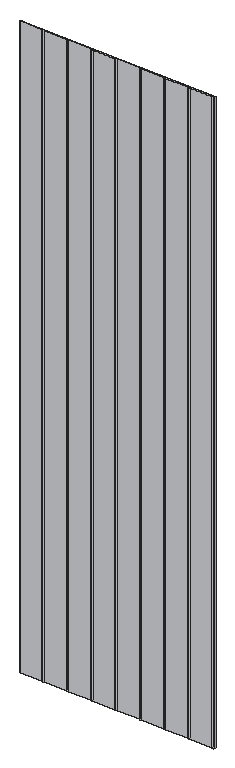
Revit family "easyregency150", category Generic Models, Revit 2015
Parameters (values of type "Length=3600")
  vis.Rebateddado [instance] = and(Show Dado, Select EasyDado_Rebated)  # no
  vis.Flatdado [instance] = and(Show Dado, Select EasyDado_Flat)  # no
  easyregency_Material = none
  URL = "http://www.easycraft.com.au/products/4/easyregency"
  Show Dado [instance] = no
  Select EasyDado_Rebated [instance] = not(Select EasyDado_Flat)  # yes
  Select EasyDado_Flat [instance] = no
  Model = "easyregency"  # constant formula
  Manufacturer = "Easycraft Australia Pty Ltd ph 07 3906 7200"  # constant formula
  Length_panel = 3600 mm
  Description = "REGENCY150"  # constant formula
  Assembly Code = "R09MR36"
Types (4, lengths in mm): name | Length_panel | Assembly Code
  Length=0900 | 900 | "R09MR09"
  Length=2400 | 2400 | "R09MR24"
  Length=3000 | 3000 | "R09MR30"
  Length=3600 | 3600 | "R09MR36"
Reference planes
  plane 1 "Center (Front/Back)": y = 0
  plane 2: z = 0
  plane 3 "Center (Left/Right)": x = 0
  plane 4 "Panel_top": z = 3600
Forms (mm)
  Sweep 1, solid, material <- "easyregency_Material"
    path origin (0, 0, 0) x (-1, 0, 0) y (0, 0, 1)
      loop
        line (0, 0) -> (0, 3600)
    profile "_easyregency_150 : _easyregency_150" origin (0, 0, 1800) x (1, 0, 0) y (0, 1, 0)
      loop
        line (0, 0) -> (0, -5.5) -> (3.5, -9) -> (138.039, -9) -> (140.078, -6.378)
        arc (140.078, -6.378) -> (145.039, -9.004) -> (150, -6.378) r 6
        line (150, -6.378) -> (152.039, -9) -> (288.039, -9) -> (290.078, -6.378)
        arc (290.078, -6.378) -> (295.039, -9.004) -> (300, -6.378) r 6
        line (300, -6.378) -> (302.039, -9) -> (438.039, -9) -> (440.078, -6.378)
        arc (440.078, -6.378) -> (445.039, -9.004) -> (450, -6.378) r 6
        line (450, -6.378) -> (452.039, -9) -> (588.039, -9) -> (590.078, -6.378)
        arc (590.078, -6.378) -> (595.039, -9.004) -> (600, -6.378) r 6
        line (600, -6.378) -> (602.039, -9) -> (738.039, -9) -> (740.078, -6.378)
        arc (740.078, -6.378) -> (745.039, -9.004) -> (750, -6.378) r 6
        line (750, -6.378) -> (752.039, -9) -> (888.039, -9) -> (890.078, -6.378)
        arc (890.078, -6.378) -> (895.039, -9.004) -> (900, -6.378) r 6
        line (900, -6.378) -> (902.039, -9) -> (1038.039, -9) -> (1040.078, -6.378)
        arc (1040.078, -6.378) -> (1045.039, -9.004) -> (1050, -6.378) r 6
        line (1050, -6.378) -> (1052.039, -9) -> (1188.039, -9) -> (1190.078, -6.378)
        arc (1190.078, -6.378) -> (1195.039, -9.004) -> (1200, -6.378) r 6
        line (1200, -6.378) -> (1200, 0) -> (0, 0)
Dimensions and locks
  "Length_panel": plane 4 "Panel_top" to plane 2
  aligned and locked: level to plane 2
  aligned and locked: nested 2 to plane 4 "Panel_top"
  aligned and locked: plane 1 "Center (Front/Back)" to nested 2
  aligned and locked: nested 1 to plane 4 "Panel_top"
Automatic sketch dimensions
  Sweep 1 sketch curve to plane 3 "Center (Left/Right)" = 0 mm
  Sweep 1 sketch curve to level = 0 mm
  Sweep 1 sketch curve to plane 4 "Panel_top" = 0 mm
Nested families
  nested 1: "easydado_flat" at (0, -9, 3600), visible <- "vis.Flatdado", type "Length=1200"
  nested 2: "easydado_rebated" at (0, 0, 3600), visible <- "vis.Rebateddado", type "Length=1200"
Definition of nested family "easydado_flat"
  Parameters (values of type "Length=1200")
    easydado_flat_Material = none
    URL = "http://www.easycraft.com.au/products/9/easydado"
    Model = "easydado"  # constant formula
    Manufacturer = "Easycraft Australia Pty Ltd ph 07 3906 7200"  # constant formula
    Length_dado = 1200 mm
    Description = "FLAT"  # constant formula
    Assembly Code = "DR58X28F"
  Reference planes
    plane 1 "Center (Front/Back)": y = 0
    plane 2: z = 0
    plane 3 "Center (Left/Right)": x = 0
    plane 4: x = 1200
  Forms (mm)
    Sweep 1, solid, material <- "easydado_flat_Material"
      path origin (0, 0, 0) x (1, 0, 0) y (0, 1, 0)
        loop
          line (1200, 0) -> (0, 0)
      profile "_dadoflat : Type 1" origin (600, 0, 0) x (0, -1, 0) y (0, 0, 1)
        loop
          arc (11, -21.649) -> (15.972, -19.589) -> (18.032, -14.616) r 7.032
          line (18.032, -14.616) -> (20.5, -14.616) -> (20.5, -9.616)
          arc (20.5, -9.616) -> (28, 0.905) -> (20.5, 11.426) r 11.13
          line (20.5, 11.426) -> (20.5, 14.059)
          arc (20.5, 14.059) -> (13.782, 16.841) -> (11, 23.559) r 9.5
          line (11, 23.559) -> (0, 23.559) -> (0, -29.941)
          arc (0, -29.941) -> (4.5, -34.441) -> (9, -29.941) r 4.5
          line (9, -29.941) -> (9, -27.86) -> (11, -27.86) -> (11, -21.649)
  Dimensions and locks
    "Length_dado": plane 3 "Center (Left/Right)" to plane 4
    aligned and locked: level to plane 2
  Automatic sketch dimensions
    plane 1 "Center (Front/Back)" to Sweep 1 sketch curve = 0 mm
    Sweep 1 sketch curve to plane 3 "Center (Left/Right)" = 0 mm
    Sweep 1 sketch curve to plane 4 = 0 mm
Definition of nested family "easydado_rebated"
  Parameters (values of type "Length=1200")
    easydado_rebated_Material = none
    URL = "http://www.easycraft.com.au/products/9/easydado"
    Model = "easydado"  # constant formula
    Manufacturer = "Easycraft Australia Pty Ltd ph 07 3906 7200"  # constant formula
    Length_dado = 1200 mm
    Description = "REBATED"  # constant formula
    Assembly Code = "DR48X28R"
  Types (2, lengths in mm): name | Length_dado
    Length=600 | 600
    Length=1200 | 1200
  Reference planes
    plane 1 "Center (Front/Back)": y = 0
    plane 2: z = 0
    plane 3 "Center (Left/Right)": x = 0
    plane 4: x = 1200
  Forms (mm)
    Sweep 1, solid, material <- "easydado_rebated_Material"
      path origin (0, 0, 0) x (1, 0, 0) y (0, 1, 0)
        loop
          line (1200, 0) -> (0, 0)
      profile "_profile_easydadorebated : _profile_easydadorebated" origin (600, 0, 0) x (0, -1, 0) y (0, 0, 1)
        loop
          arc (20.5, 25.5) -> (13.782, 28.282) -> (11, 35) r 9.5
          line (11, 35) -> (0, 35) -> (0, 0) -> (9, 0) -> (9, -13)
          arc (9, -13) -> (15.364, -10.364) -> (18, -4) r 9
          line (18, -4) -> (20.5, -4) -> (20.5, 1.825)
          arc (20.5, 1.825) -> (28, 12.346) -> (20.5, 22.867) r 11.13
          line (20.5, 22.867) -> (20.5, 25.5)
  Dimensions and locks
    "Length_dado": plane 3 "Center (Left/Right)" to plane 4
    aligned and locked: level to plane 2
  Automatic sketch dimensions
    plane 1 "Center (Front/Back)" to Sweep 1 sketch curve = 0 mm
    Sweep 1 sketch curve to plane 3 "Center (Left/Right)" = 0 mm
    Sweep 1 sketch curve to plane 4 = 0 mm
